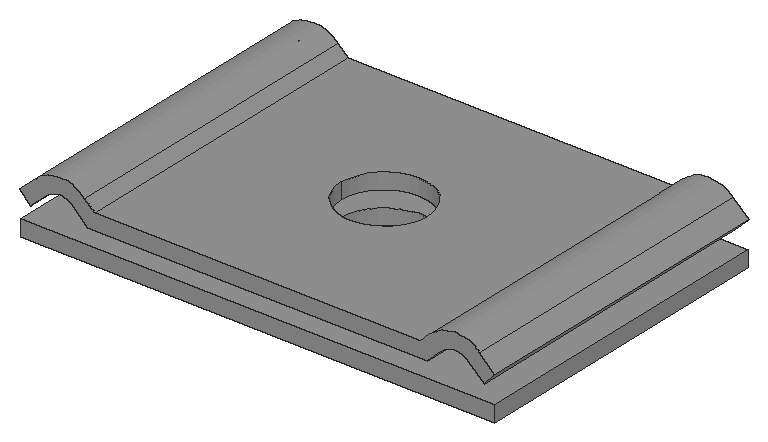
Revit family "Mittenabhängung GMA M6FS,GMA M68FS,GMA M10 FS,GMA M6FT,GMA M8 FT,GMA M10 FT,GMA M6 A4,GMA M8 A4,GMA M10 A4 ", category Generic Models, Revit 2017
Family settings
  Can host rebar = No
  Round Connector Dimension = Use Diameter
  Part Type = Normal
  Work Plane-Based = No
  Always vertical = Yes
  Cut with Voids When Loaded = No
  Shared = No
  Room Calculation Point = No
Parameters (values of type "GMA M10 FT")
  Width/2 = Width / 2  # 30 mm
  Width 1 = 40 mm
  Width = 60 mm
  URL = "http://www.obo-bettermann.com"
  Type Image = <None>
  Material = Hot-dip galvanised
  Manufacturer Art.No. = "6015255"
  Manufacturer = "OBO Bettermann"
  GTIN = "4012196942619"
  Diameter = 11 mm
  Article Type = "GMA M10 FT"
Types (10, lengths in mm): name | Material | Manufacturer Art.No. | GTIN | Diameter | Article Type
  (no name) | Hot-dip galvanised | "6015255" | "4012196942619" | 11 | "GMA M10 FT"
  GMA M6 FS | Strip-galvanised | "6015220" | "4012196421695" | 7 | "GMA M6 FS"
  GMA M6 FT | Hot-dip galvanised | "6015224" | "4012195649786" | 7 | "GMA M6 FT"
  GMA M6 A4 | Stainless steel, A4 | "6015228" | "4012195928720" | 7 | "GMA M6 A4"
  GMA M8 FS | Strip-galvanised | "6015239" | "4012196421572" | 9 | "GMA M8 FS"
  GMA M10 FT | Hot-dip galvanised | "6015255" | "4012196942619" | 11 | "GMA M10 FT"
  GMA M10 A4 | Stainless steel, A4 | "6015261" | "4012196942671" | 11 | "GMA M10 A4"
  GMA M8 FT | Hot-dip galvanised | "6015243" | "4012195928737" | 9 | "GMA M8 FT"
  GMA M8 A4 | Stainless steel, A4 | "6015245" | "4012195928744" | 9 | "GMA M8 A4"
  GMA M10 FS | Strip-galvanised | "6015247" | "4012196421510" | 11 | "GMA M10 FS"
Reference planes
  plane 1 "Center (Front/Back)": y = 0
  plane 2: z = 0
  plane 3 "Center (Left/Right)": x = 0
  plane 4: y = 40
  plane 5: y = 20
  plane 6: x = -6.946
  plane 7: x = 6.964
  plane 8: z = 4
Forms (mm)
  Extrusion 1, solid, material "Hot-dip galvanised" <- "Material"
    sketch origin (0, 0, 0) x (1, 0, 0) y (0, 0, 1)
      loop
        line (-30, 0) -> (30, 0) -> (30, 2) -> (-30, 2) -> (-30, 0)
    from -40 to 0
  Extrusion 2, void
    sketch origin (0, 0, 0) x (1, 0, 0) y (0, 1, 0)
      loop
        circle (0, 20) r 5.5
    from 0 to 2
  Extrusion 3, solid, material "Hot-dip galvanised" <- "Material"
    sketch origin (0, 0, 0) x (1, 0, 0) y (0, 0, 1)
      loop
        line (-21.464, 4) -> (21.464, 4) -> (23.209, 5.745)
        arc (23.209, 5.745) -> (24.956, 6.486) -> (26.727, 5.807) r 2.532
        line (26.727, 5.807) -> (28.664, 4) -> (30.028, 5.463) -> (28.091, 7.269)
        arc (28.091, 7.269) -> (24.921, 8.486) -> (21.795, 7.159) r 4.532
        line (21.795, 7.159) -> (20.636, 6) -> (-20.636, 6) -> (-21.818, 7.182)
        arc (-21.818, 7.182) -> (-24.921, 8.499) -> (-28.069, 7.291) r 4.5
        line (-28.069, 7.291) -> (-30.03, 5.463) -> (-28.666, 4) -> (-26.705, 5.828)
        arc (-26.705, 5.828) -> (-24.956, 6.5) -> (-23.232, 5.768) r 2.5
        line (-23.232, 5.768) -> (-21.464, 4)
    from 0 to -40
  Extrusion 4, void
    sketch origin (0, 0, 0) x (1, 0, 0) y (0, 1, 0)
      loop
        circle (0, 20) r 5.5
    from 4 to 6
Cuts and joins
  Extrusion 2, Extrusion 4 cuts Extrusion 1
  Extrusion 4 cuts Extrusion 3
Dimensions and locks
  locked: Extrusion 1 sketch curve to Extrusion 1 sketch curve at 2  (x2)
  "Width 1": Extrusion 1 to Extrusion 1
  "Width": Extrusion 1 to Extrusion 1
  locked: Extrusion 1 to plane 5 at 20
  locked: plane 8 to cut or joined group of Extrusion 1, Extrusion 2, Extrusion 4 at 2
  locked: Extrusion 3 sketch curve to Extrusion 3 sketch curve at 2.487
  locked: Extrusion 3 sketch curve to plane 3 "Center (Left/Right)" at 25
  locked: Extrusion 3 sketch curve to plane 8 at 2.5
  locked: plane 3 "Center (Left/Right)" to Extrusion 3 sketch curve at 25
  locked: Extrusion 3 sketch curve to Extrusion 3 sketch curve at 2  (x5)
  Extrusion 3 sketch curve to Extrusion 3 sketch curve = 2 mm
  locked: Extrusion 2 sketch curve to plane 5 at 0
  locked: plane 3 "Center (Left/Right)" to Extrusion 2 sketch curve
  locked: plane 3 "Center (Left/Right)" to Extrusion 4 sketch curve
  locked: Extrusion 4 sketch curve to plane 5 at 0
  radius of Extrusion 3 sketch curve = 2.5 mm
  radius of Extrusion 3 sketch curve = 2.532 mm
  "Diameter": diameter of Extrusion 2 sketch curve
  "Diameter": diameter of Extrusion 4 sketch curve
  locked: Extrusion 3 sketch curve to Extrusion 3 sketch curve (angle 92.00°)
  locked: Extrusion 3 sketch curve to plane 8 (angle 45.00°)
  aligned and locked: level to plane 2
  aligned and locked: Extrusion 1 sketch curve to plane 2
  aligned and locked: Extrusion 1 to level
  aligned and locked: Extrusion 1 to plane 2
  aligned and locked: plane 1 "Center (Front/Back)" to Extrusion 1
  aligned and locked: Extrusion 3 sketch curve to plane 8  (x2)
  aligned and locked: plane 8 to Extrusion 3 sketch curve
  aligned and locked: Extrusion 3 to plane 4
  aligned and locked: plane 1 "Center (Front/Back)" to Extrusion 3
  aligned and locked: cut or joined group of Extrusion 3, Extrusion 4 to Extrusion 4
  aligned and locked: Extrusion 4 to plane 8
  aligned and locked: Extrusion 2 to level
  aligned and locked: Extrusion 1 to Extrusion 2
Automatic sketch dimensions
  Extrusion 1 sketch curve to plane 3 "Center (Left/Right)" = 30 mm
  plane 3 "Center (Left/Right)" to Extrusion 1 sketch curve = 30 mm
  Extrusion 3 sketch curve to Extrusion 3 sketch curve = 0 mm  (x2)
  Extrusion 3 sketch curve to Extrusion 3 sketch curve = 0.828 mm
  Extrusion 3 sketch curve to Extrusion 3 sketch curve = 1.364 mm
